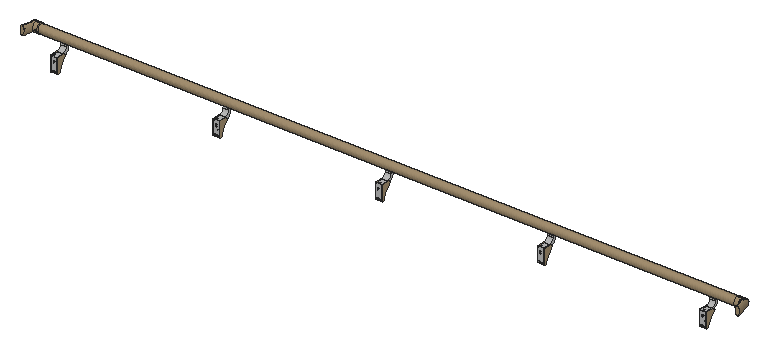
Revit family "AFN55+O-34Msl+VAエンド", category 一般モデル, Revit 2015
Parameters (values of type "仕様")
  笠木長さ = 3000 mm
  最終BK-エンド距離 [instance] = 102.3 mm
  手摺H = 800 mm
  笠木色 = 笠木No.73バーチ
  実高さ = 手摺H - 7.3 mm  # 792.7 mm
  エンド-エンド距離 [instance] = 笠木長さ + 23.4 mm  # 3023.4 mm
  BK間 [instance] = (笠木長さ - 240 mm) / (BK数 - 1)  # 690 mm
  BK数 = roundup((笠木長さ - 240 mm) / 910 mm) + 1  # 5
Reference planes
  plane 1 "壁": y = 0
  plane 2 "中心(左/右)": x = 125
  plane 3 "背面": y = 75
  plane 4: z = 0
  plane 5: x = 2125
  plane 6: z = 3000
  plane 7: x = -1875
Lines and regions (mm)
  reference lines
    curve 1: line (1965, 0, 0) -> (1965, 0, 2599.642)
    curve 2: line (-1875, 0, 0) -> (-1875, 0, 3215.94)
    curve 3: line (-1715, 0, 0) -> (-1715, 0, 3155.94)
    curve 4: line (-1817.3, 0, 763.756) -> (-1817.3, 0, 1053.756)
    curve 5: line (-2706.019, 0, 792.7) -> (2593.981, 0, 792.7)
Text (mm)
  text "配置側" at (-1848.837, 1116.779, 0), in view "参照レベル"
  text "配置側" at (0, 1409.804, 2854.306), in view "左"
  text "配置側" at (0, 499.811, 2980.732), in view "右"
Dimensions and locks
  locked: plane 3 "背面" to host wall
  plane 2 "中心(左/右)" to curve 1 = 1840 mm
  curve 3 to plane 2 "中心(左/右)" = 1840 mm
  equal spacing: group 1, group 2, group 3, group 4, group 5  (x3)
  equal spacing: curve 2, curve 3, host wall
  "最終BK-エンド距離": curve 4 to curve 3
  "BK間": curve 3 to nested 3
  "エンド-エンド距離": nested 5 to nested 4
  "実高さ": curve 5 to level
  locked: nested 5 to curve 5 at 7.2
  nested 2 to host wall = 40 mm
  aligned and locked: plane 1 "壁" to host wall
  aligned and locked: curve 5 to nested 2
  aligned and locked: curve 5 to nested 1
  aligned and locked: curve 5 to nested 6
Automatic sketch dimensions
  host sketch curve to plane 5 = 0 mm
  host sketch curve to plane 7 = 0 mm
  host sketch curve to plane 4 = 0 mm
  host sketch curve to plane 6 = 0 mm
  curve 2 to level = 0 mm
  curve 3 to level = 0 mm
  curve 1 to level = 0 mm
  curve 5 to plane 2 "中心(左/右)" = 2831.019 mm
  curve 5 to curve 2 = 831.019 mm
  curve 2 to curve 4 = 57.7 mm
  plane 2 "中心(左/右)" to curve 1 = 1840 mm
  curve 1 to curve 5 = 628.981 mm
  level to curve 4 = 763.756 mm
  curve 4 to curve 4 = 290 mm
  curve 5 to curve 1 = 1806.942 mm
  curve 4 to curve 3 = 2102.184 mm
  curve 3 to curve 2 = 60 mm
Nested families
  nested 1: "AFN55BK本体" at (-1852.5, 0, -801.3), type "タイプ 1"
    with BKカバー色 none
  nested 2: "O-34笠木" at (-1835, -186.158, -138.771) x (0, 1, 0) z (0, 0, 1), 笠木長さ <- "笠木長さ", type "O-34笠木"
    with 笠木長さ 3000 mm
  nested 3: "AFN55BK本体" at (-1162.542, 0, -801.3), type "タイプ 1"
    with BKカバー色 none
  nested 4: "VAエンド思索" at (1136.92, 112.254, 785.522) x (0, 0, 1) z (1, 0, 0), type "VAエンド思索"
  nested 5: "VAエンド思索" at (-1807.206, 112.254, 785.5) x (0, 0, 1) z (-1, 0, 0), type "VAエンド思索"
  nested 6: "AFN55BK本体" at (-472.585, 0, -801.3), type "タイプ 1"
    with BKカバー色 none
  nested 7: "AFN55BK本体" at (217.373, 0, -801.3), type "タイプ 1"
    with BKカバー色 none
  nested 8: "AFN55BK本体" at (907.331, 0, -801.3), type "タイプ 1"
    with BKカバー色 none
Definition of nested family "AFN55BK本体"
  Parameters (values of type "タイプ 1")
    BK色 = none
    BKカバー色 [instance] = none
    BKカバー木目 = none
  Reference planes
    plane 1 "壁": y = 0
    plane 2 "中心(左/右)": x = 125
    plane 3 "背面": y = 75
    plane 4: z = 1475.5
  Forms (mm)
    Extrusion 1, solid, material <- "BK色"
      sketch origin (125, 0.041, 42.483) x (0, 1, 0) y (0, 0, 1)
        loop
          line (106.718, 1497.517) -> (74.959, 1497.517) -> (74.959, 1439.017)
          arc (74.959, 1439.017) -> (75.959, 1438.017) -> (76.959, 1439.017) r 1
          line (76.959, 1439.017) -> (76.959, 1453.451)
          arc (76.959, 1453.451) -> (77.786, 1455.886) -> (79.924, 1457.315) r 4
          line (79.924, 1457.315) -> (80.877, 1457.57)
          arc (80.877, 1457.57) -> (81.946, 1458.284) -> (82.359, 1459.502) r 2
          line (82.359, 1459.502) -> (82.359, 1461.067)
          arc (82.359, 1461.067) -> (82.213, 1461.421) -> (81.859, 1461.567) r 0.5
          line (81.859, 1461.567) -> (78.959, 1461.567)
          arc (78.959, 1461.567) -> (78.031, 1462.196) -> (78.269, 1463.291) r 1
          line (78.269, 1463.291) -> (82.049, 1466.893)
          arc (82.049, 1466.893) -> (82.278, 1467.223) -> (82.359, 1467.617) r 1
          line (82.359, 1467.617) -> (82.359, 1488.817)
          arc (82.359, 1488.817) -> (82.798, 1489.878) -> (83.859, 1490.317) r 1.5
          line (83.859, 1490.317) -> (88.059, 1490.317)
          arc (88.059, 1490.317) -> (88.359, 1490.617) -> (88.659, 1490.317) r 0.3
          line (88.659, 1490.317) -> (88.659, 1488.117) -> (97.659, 1490.317) -> (108.959, 1490.317)
          arc (108.959, 1490.317) -> (125.576, 1497.2) -> (132.459, 1513.817) r 23.5
          line (132.459, 1513.817) -> (132.459, 1532.289)
          arc (132.459, 1532.289) -> (132.611, 1533.054) -> (133.045, 1533.703) r 2
          line (133.045, 1533.703) -> (133.773, 1534.431)
          arc (133.773, 1534.431) -> (134.207, 1535.08) -> (134.359, 1535.845) r 2
          line (134.359, 1535.845) -> (134.359, 1551.517) -> (132.859, 1551.517) -> (132.859, 1549.517)
          arc (132.859, 1549.517) -> (132.42, 1548.456) -> (131.359, 1548.017) r 1.5
          line (131.359, 1548.017) -> (128.559, 1548.017)
          arc (128.559, 1548.017) -> (127.498, 1548.456) -> (127.059, 1549.517) r 1.5
          line (127.059, 1549.517) -> (127.059, 1551.517) -> (125.559, 1551.517) -> (125.559, 1546.874)
          arc (125.559, 1546.874) -> (125.637, 1546.486) -> (125.859, 1546.159) r 1
          arc (125.859, 1546.159) -> (126.759, 1544.017) -> (125.859, 1541.875) r 3
          arc (125.859, 1541.875) -> (125.637, 1541.548) -> (125.559, 1541.16) r 1
          line (125.559, 1541.16) -> (125.559, 1535.845)
          arc (125.559, 1535.845) -> (125.711, 1535.08) -> (126.145, 1534.431) r 2
          line (126.145, 1534.431) -> (126.873, 1533.703)
          arc (126.873, 1533.703) -> (127.307, 1533.054) -> (127.459, 1532.289) r 2
          line (127.459, 1532.289) -> (127.459, 1524.041)
          arc (127.459, 1524.041) -> (127.445, 1523.518) -> (127.404, 1522.996) r 10
          line (127.404, 1522.996) -> (126.609, 1515.426)
          arc (126.609, 1515.426) -> (120.101, 1502.654) -> (106.718, 1497.517) r 20
      from 0 to 25
    Extrusion 2, void
      sketch origin (0.743, 82.4, 30.09) x (1, 0, 0) y (0, 0, 1)
        loop
          circle (137.542, 1489.945) r 5
      from 0 to 7.9
    Extrusion 3, solid, material <- "BKカバー木目"
      sketch origin (125, -305.006, 144.816) x (0, 1, 0) y (0, 0, 1)
        loop
          line (381.006, 1331.637) -> (383.312, 1331.637)
          arc (383.312, 1331.637) -> (386.254, 1332.594) -> (388.07, 1335.099) r 5
          arc (388.07, 1335.099) -> (401.125, 1363.077) -> (420.64, 1387.003) r 125
          line (420.64, 1387.003) -> (413.006, 1394.637) -> (381.006, 1394.637) -> (381.006, 1333.637) -> (381.006, 1331.637)
      from -2.5 to 27.5
    Extrusion 4, void
      sketch origin (124.375, 76, 1539.453) x (0, 1, 0) y (-1, 0, 0)
        loop
          line (-1.575, -26.705) -> (35.425, -26.705) -> (35.425, -0.85) -> (-1.575, -0.85) -> (-1.575, -26.705)
      from -7.7 to 0
  Cuts and joins
    Extrusion 2 cuts Extrusion 1
    Extrusion 4 cuts Extrusion 3
  Lines and regions (mm)
    reference lines
      curve 1: line (150, 0, 1480.5) -> (137.542, 0, 1480.5)
      curve 2: line (137.542, 0, 1480.5) -> (137.542, 0, 1519.612)
  Text (mm)
    text "配置側" at (-1848.837, 1116.779, 0), in view "参照レベル"
    text "配置側" at (0, 1409.804, 2854.306), in view "左"
    text "配置側" at (0, 499.811, 2980.732), in view "右"
  Dimensions and locks
    locked: plane 3 "背面" to host wall
    aligned and locked: plane 1 "壁" to host wall
Definition of nested family "O-34笠木"
  Parameters (values of type "O-34笠木")
    笠木長さ [instance] = 1000 mm
    木目 = none
  Reference planes
    plane 1 "中心(正面/背面)": y = 0
    plane 2: z = 0
    plane 3 "中心(左/右)": x = 0
  Forms (mm)
    Extrusion 1, solid, material <- "木目"
      sketch origin (0, 0, 0) x (1, 0, 0) y (0, 0, 1)
        loop
          arc (312.783, 907.324) -> (316.226, 940.971) -> (319.669, 907.324) r 17
          arc (319.669, 907.324) -> (318.327, 908.017) -> (318.726, 909.474) r 1.2
          arc (318.726, 909.474) -> (319.425, 911.817) -> (321.226, 913.471) r 4.6
          line (321.226, 913.471) -> (322.03, 916.471) -> (320.726, 916.471) -> (320.726, 919.471) -> (323.726, 919.471) -> (323.726, 928.471) -> (320.726, 928.471) -> (320.726, 931.471) -> (311.726, 931.471) -> (311.726, 928.471) -> (308.726, 928.471) -> (308.726, 919.471) -> (311.726, 919.471) -> (311.726, 916.471) -> (310.422, 916.471) -> (311.226, 913.471)
          arc (311.226, 913.471) -> (313.028, 911.817) -> (313.726, 909.474) r 4.6
          arc (313.726, 909.474) -> (314.125, 908.017) -> (312.783, 907.324) r 1.2
      from 0 to 1000 <- "笠木長さ"
  Dimensions and locks
    aligned and locked: level to plane 2
Definition of nested family "VAエンド思索"
  Parameters (values of type "VAエンド思索")
    木目エンド = yes
    木目 = none
    Default Elevation = 1219.2 mm
  Reference planes
    plane 1 "中心(正面/背面)": y = 0
    plane 2: z = 0
    plane 3 "中心(左/右)": x = 0
  Forms (mm)
    Sweep 1, solid, material <- "木目", visible <- "木目エンド"
      path origin (0, 0, 0) x (0, 1, 0) y (0, 0, 1)
        loop
          line (33.681, 47.703) -> (-37.937, 29.847)
      profile origin (0, -2.128, 38.775) x (0, 0.241922, -0.970296) y (1, 0, 0)
        loop
          spline (0, -18.38) -> (1.813, -17.744) -> (3.501, -15.881) -> (4.952, -12.917) -> (6.065, -9.055) -> (6.764, -4.557) -> (7.003, 0.27) -> (6.764, 5.097) -> (6.065, 9.595) -> (4.952, 13.458) -> (3.501, 16.421) -> (1.813, 18.285) -> (0, 18.92)
          line (0, 18.92) -> (-3.381, 18.92)
          spline (-3.381, 18.92) -> (-5.193, 18.285) -> (-6.882, 16.421) -> (-8.333, 13.458) -> (-9.445, 9.595) -> (-10.145, 5.097) -> (-10.384, 0.27) -> (-10.145, -4.557) -> (-9.445, -9.055) -> (-8.333, -12.917) -> (-6.882, -15.881) -> (-5.193, -17.744) -> (-3.381, -18.38)
          line (-3.381, -18.38) -> (0, -18.38)
    Extrusion 2, void
      sketch origin (-0.87, 4.255, 0) x (1, 0, 0) y (0, 1, 0)
        loop
          line (0.557, -50.594) -> (34.081, -50.594) -> (34.081, -21.924) -> (19.207, -21.924)
          arc (19.207, -21.924) -> (13.745, -35.112) -> (0.557, -40.574) r 18.65
          arc (0.557, -40.574) -> (-12.63, -35.112) -> (-18.093, -21.924) r 18.65
          line (-18.093, -21.924) -> (-32.967, -21.924) -> (-32.967, -50.594) -> (0.557, -50.594)
      from 50 to -50
    Extrusion 3, solid, material <- "木目"
      sketch origin (0, 0, 0) x (1, 0, 0) y (0, 1, 0)
        loop
          circle (0, -17.667) r 17.15
        loop
          circle (0, -17.667) r 18.65
      from 39.637 to 10.2
    Extrusion 4, void
      sketch origin (0, 33.302, 40.49) x (0, 0, 1) y (1, 0, 0)
        loop
          line (17.973, 25.566) -> (-10.478, 25.566) -> (-10.478, -34.434) -> (17.973, -34.434) -> (17.973, 25.566)
      from 11.5 to -2.576
  Cuts and joins
    Extrusion 2, Extrusion 4 cuts Sweep 1
  Dimensions and locks
    aligned and locked: level to plane 2
